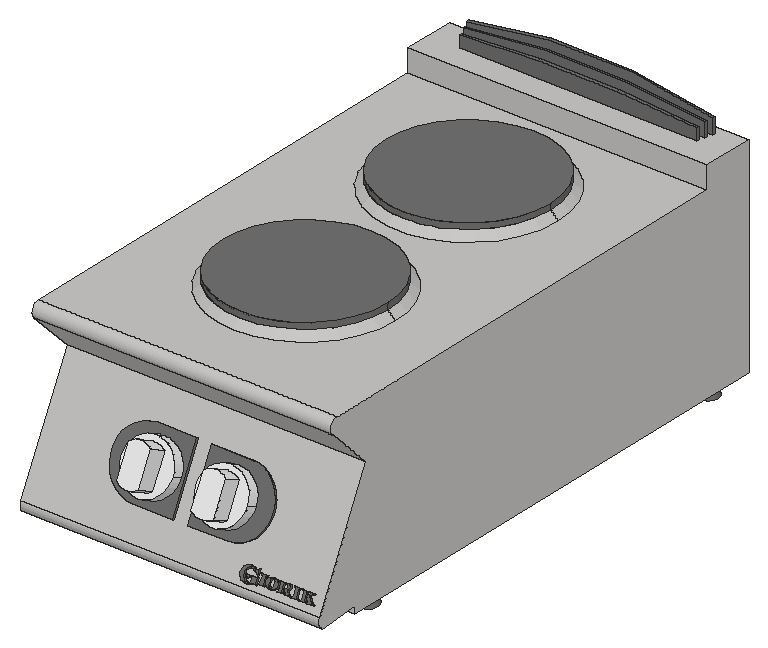
Revit family "QF_GIORIK_CE72TT", category Specialty Equipment, Revit 2014
Parameters (values of type "CE72TT")
  Weight in Pounds = 77.1617
  Watts = 5200 W
  Volts = 400 V
  URL Cutsheet = "www.giorik.com"
  URL = "www.giorik.com"
  Status [instance] = ""
  Specification by User [instance] = ""
  Specification by Manufacturer = ""
  Show Logo [instance] = yes
  Show Clearance [instance] = yes
  Serial Number = ""
  Seismic Rating = ""
  SMACNA No = ""
  Revision Code [instance] = ""
  Phase = 3
  Number of Poles [instance] = 3
  NAFEM Spec ID Number = ""
  Model = "CE72TT"
  Min Ckt Ampacity = 0 A
  Max Overcurrent Protection = 0 A
  Masterspec = ""
  Manufacturer = "GIORIK"
  Item Number [instance] = ""
  Installed By [instance] = ""
  Identify Quantity as Lot [instance] = no
  HP = "6.973304000000"
  Furnished By [instance] = ""
  Foodservice Equipment Identifier [instance] = yes
  FL Amps = 0 A
  Electrical Remarks [instance] = ""
  Electric Connection Type [instance] = ""
  Elec Conn RI Height [instance] = 0 mm
  Elec Conn Connection Height [instance] = 20 mm
  Description = "2 ELECTRIC ROUND PLATE HOB - COUNTERTOP VERSION"
  Cycle = 50 Hz
  Conn Plug = ""
  CSI MasterFormat = ""
  Assembly Code = "E1090320"
  Apparent Power = 5200 VA
Reference planes
  plane 1 "Back": y = 0
  plane 2: z = 0
  plane 3 "Left": x = 0
  plane 4 "Right": x = 400
  plane 5 "Front": y = -720
  plane 6 "Top": z = 300
Forms (mm)
  Extrusion 1, solid, visible <- "Show Logo"
    sketch origin (196.604, -736.761, 9.486) x (-1, 0, 0) y (0, 0.452718, 0.891654)
      loop
        line (-118.824, 58.358) -> (-127.804, 58.358) -> (-125.523, 56.445) -> (-125.523, 48.027) -> (-127.804, 46.113) -> (-118.824, 46.113) -> (-121.105, 48.027) -> (-121.105, 56.445) -> (-118.824, 58.358)
      loop
        line (-163.721, 58.358) -> (-172.7, 58.358) -> (-170.42, 56.445) -> (-170.42, 48.027) -> (-172.7, 46.113) -> (-163.721, 46.113) -> (-166.001, 48.027) -> (-166.001, 56.445) -> (-163.721, 58.358)
      loop
        line (-174.332, 58.358) -> (-183.312, 58.358) -> (-181.031, 56.445) -> (-181.031, 52.435) -> (-186.419, 56.955) -> (-184.416, 58.358) -> (-191.268, 58.358) -> (-188.01, 56.839) -> (-185.455, 54.283) -> (-190.846, 47.858) -> (-193.396, 46.93) -> (-193.396, 46.113) -> (-184.416, 46.113) -> (-185.437, 47.571) -> (-182.443, 51.552) -> (-181.031, 50.894) -> (-181.031, 48.027) -> (-183.312, 46.113) -> (-174.332, 46.113) -> (-176.613, 48.027) -> (-176.613, 56.445) -> (-174.332, 58.358)
      loop
        line (-115.429, 62.063) -> (-115.429, 54.198)
        arc (-115.429, 54.198) -> (-111.618, 57.803) -> (-106.847, 59.986) r 16.039
        arc (-106.847, 59.986) -> (-103.314, 59.837) -> (-100.512, 57.68) r 5.851
        arc (-100.512, 57.68) -> (-98.815, 52.267) -> (-100.512, 46.853) r 9.479
        arc (-100.512, 46.853) -> (-102.406, 44.986) -> (-104.846, 43.93) r 7.236
        arc (-104.846, 43.93) -> (-107.728, 44.111) -> (-110.052, 45.825) r 5.11
        line (-110.052, 45.825) -> (-110.052, 52.001) -> (-116.141, 52.001) -> (-116.141, 45.503) -> (-117.893, 43.751) -> (-114.094, 44.769)
        arc (-114.094, 44.769) -> (-112.56, 44.947) -> (-111.129, 44.366) r 3.115
        arc (-111.129, 44.366) -> (-104.216, 42.091) -> (-97.303, 44.366) r 11.641
        arc (-97.303, 44.366) -> (-93.396, 52.107) -> (-97.303, 59.849) r 9.622
        arc (-97.303, 59.849) -> (-104.369, 62.174) -> (-111.435, 59.849) r 11.898
        line (-111.435, 59.849) -> (-115.429, 62.063)
      loop
        arc (-129.234, 56.068) -> (-135.893, 58.628) -> (-142.552, 56.068) r 9.941
        arc (-142.552, 56.068) -> (-144.234, 52.286) -> (-142.552, 48.505) r 5.093
        arc (-142.552, 48.505) -> (-135.893, 45.945) -> (-129.234, 48.505) r 9.941
        arc (-129.234, 48.505) -> (-127.552, 52.286) -> (-129.234, 56.068) r 5.093
      loop
        arc (-132.628, 54.403) -> (-135.893, 57.668) -> (-139.158, 54.403) r 3.265
        line (-139.158, 54.403) -> (-139.158, 50.169)
        arc (-139.158, 50.169) -> (-135.893, 46.904) -> (-132.628, 50.169) r 3.265
        line (-132.628, 50.169) -> (-132.628, 54.403)
      loop
        arc (-156.363, 58.365) -> (-159.647, 55.081) -> (-156.363, 51.796) r 3.285
        line (-156.363, 51.796) -> (-159.529, 47.306) -> (-162.087, 46.113) -> (-155.847, 46.113) -> (-153.529, 51.083) -> (-150.637, 51.083) -> (-150.637, 47.784) -> (-153.022, 46.113) -> (-144.011, 46.113) -> (-146.094, 47.68) -> (-146.094, 56.493) -> (-144.229, 58.365) -> (-156.363, 58.365)
      loop
        line (-150.637, 57.512) -> (-153.637, 57.512)
        arc (-153.637, 57.512) -> (-156.237, 54.912) -> (-153.637, 52.312) r 2.6
        line (-153.637, 52.312) -> (-150.637, 52.312) -> (-150.637, 57.512)
      loop
        line (-108.924, 52.001) -> (-104.936, 49.005) -> (-100.948, 52.001) -> (-108.924, 52.001)
    from 1.5 to -0.5
  Extrusion 2, solid
    sketch origin (0, 1000, -620) x (0, 1, 0) y (0, 0, 1)
      loop
        line (-1000, 919.988) -> (-1070, 919.988) -> (-1070, 889.988) -> (-1688.806, 889.988)
        arc (-1688.806, 889.988) -> (-1699.151, 883.075) -> (-1696.724, 870.873) r 11.197
        line (-1696.724, 870.873) -> (-1640.876, 815.025) -> (-1718.948, 661.258)
        arc (-1718.948, 661.258) -> (-1718.233, 650.105) -> (-1708.118, 645.354) r 10.981
        line (-1708.118, 645.354) -> (-1660, 649.925) -> (-1660, 640) -> (-1000, 640) -> (-1000, 919.988)
    from 0 to 400
  Extrusion 3, solid
    sketch origin (-273.221, -963.345, -547.637) x (1, 0, 0) y (0, 0.452718, 0.891654)
      loop
        line (463.221, 676.25) -> (463.221, 766.25) -> (409.698, 766.25)
        arc (409.698, 766.25) -> (364.698, 721.25) -> (409.698, 676.25) r 45
        line (409.698, 676.25) -> (463.221, 676.25)
    from 48 to 50
  Extrusion 4, solid
    sketch origin (501.331, -1008.697, -525.041) x (-1, 0, 0) y (0, -0.45351, -0.891251)
      loop
        circle (351.331, -721.346) r 35
    from 0 to 15
  Extrusion 5, solid
    sketch origin (501.331, -1008.697, -525.041) x (-1, 0, 0) y (0, -0.45351, -0.891251)
      loop
        arc (336.331, -743.846) -> (351.331, -748.846) -> (366.331, -743.846) r 25
        line (366.331, -743.846) -> (366.331, -698.846)
        arc (366.331, -698.846) -> (351.331, -693.846) -> (336.331, -698.846) r 25
        line (336.331, -698.846) -> (336.331, -743.846)
    from 15 to 40
  Extrusion 6, solid
    sketch origin (-94, 0, -610.002) x (1, 0, 0) y (0, 0, 1)
      loop
        line (135, 909.989) -> (453, 909.989) -> (453, 925.527) -> (347.056, 931.749) -> (240.944, 931.749) -> (135, 925.527) -> (135, 909.989)
    from 32 to 35
  Extrusion 7, solid
    sketch origin (-92, 10, -610.002) x (1, 0, 0) y (0, 0, 1)
      loop
        line (454, 909.989) -> (454, 928.527) -> (346.162, 939.193) -> (237.838, 939.193) -> (130, 928.527) -> (130, 909.989) -> (454, 909.989)
    from 32 to 35
  Extrusion 8, solid
    sketch origin (-90, 20, -610.002) x (1, 0, 0) y (0, 0, 1)
      loop
        line (455, 909.989) -> (455, 930.527) -> (345.396, 947.413) -> (234.604, 947.413) -> (125, 930.527) -> (125, 909.989) -> (455, 909.989)
    from 32 to 35
  Extrusion 9, solid
    sketch origin (673.255, -963.345, -547.637) x (-1, 0, 0) y (0, -0.452718, -0.891654)
      loop
        line (463.221, -676.25) -> (409.698, -676.25)
        arc (409.698, -676.25) -> (364.698, -721.25) -> (409.698, -766.25) r 45
        line (409.698, -766.25) -> (463.221, -766.25) -> (463.221, -676.25)
    from 48 to 50
  Extrusion 10, solid
    sketch origin (-101.297, -1008.697, -525.041) x (1, 0, 0) y (0, 0.45351, 0.891251)
      loop
        circle (351.331, 721.346) r 35
    from 0 to 15
  Extrusion 11, solid
    sketch origin (-101.297, -1008.697, -525.041) x (1, 0, 0) y (0, 0.45351, 0.891251)
      loop
        line (336.331, 743.846) -> (336.331, 698.846)
        arc (336.331, 698.846) -> (351.331, 693.846) -> (366.331, 698.846) r 25
        line (366.331, 698.846) -> (366.331, 743.846)
        arc (366.331, 743.846) -> (351.331, 748.846) -> (336.331, 743.846) r 25
    from 15 to 40
  Extrusion 12, solid
    sketch origin (10, 12.5, 264.988) x (0, 1, 0) y (-1, 0, 0)
      loop
        circle (-231.5, -189.999) r 110
    from 23 to 15
  Blend 13, solid
    base sketch origin (754.36, -810.004, 269.988) x (0, 1, 0) y (-1, 0, 0)
      loop
        circle (591.004, 554.361) r 120
    top sketch origin (754.36, -810.004, 300) x (0, 1, 0) y (-1, 0, 0)
      loop
        circle (591.004, 554.361) r 110
    from 0 to -20.012
  Extrusion 14, solid
    sketch origin (10, -723.5, 264.988) x (0, -1, 0) y (1, 0, 0)
      loop
        circle (-231.5, 189.999) r 110
    from 23 to 15
  Blend 15, solid
    base sketch origin (754.36, 99.004, 269.988) x (0, -1, 0) y (1, 0, 0)
      loop
        circle (591.004, -554.361) r 120
    top sketch origin (754.36, 99.004, 300) x (0, -1, 0) y (1, 0, 0)
      loop
        circle (591.004, -554.361) r 110
    from 0 to -20.012
  Extrusion 16, solid
    sketch origin (-4, 0, 0) x (1, 0, 0) y (0, 1, 0)
      loop
        circle (54, -385) r 12.5
    from 5 to 20
  Extrusion 17, solid
    sketch origin (543.603, 45.293, -30) x (0, 1, 0) y (-1, 0, 0)
      loop
        circle (-79.293, 516.603) r 5
    from 41.965 to 50
  Revolve 18, solid
    sketch origin (27, 49.943, -600) x (0, 1, 0) y (0, 0, 1)
      loop
        line (-83.943, 611.965) -> (-94.752, 611.965) -> (-97.943, 600) -> (-83.943, 600) -> (-83.943, 611.965)
      axis (-83.943, 611.965) -> (-83.943, 600)
    angle from 0 to 360
  Extrusion 19, solid
    sketch origin (543.603, -524.707, -30) x (0, 1, 0) y (-1, 0, 0)
      loop
        circle (-79.293, 516.603) r 5
    from 41.965 to 50
  Revolve 20, solid
    sketch origin (27, -520.057, -600) x (0, 1, 0) y (0, 0, 1)
      loop
        line (-83.943, 611.965) -> (-94.752, 611.965) -> (-97.943, 600) -> (-83.943, 600) -> (-83.943, 611.965)
      axis (-83.943, 611.965) -> (-83.943, 600)
    angle from 0 to 360
  Extrusion 21, solid
    sketch origin (-143.603, 45.293, -30) x (0, 1, 0) y (-1, 0, 0)
      loop
        circle (-79.293, -516.603) r 5
    from 41.965 to 50
  Revolve 22, solid
    sketch origin (373, 49.943, -600) x (0, 1, 0) y (0, 0, -1)
      loop
        line (-83.943, -611.965) -> (-83.943, -600) -> (-97.943, -600) -> (-94.752, -611.965) -> (-83.943, -611.965)
      axis (-83.943, -611.965) -> (-83.943, -600)
    angle from 0 to 360
  Extrusion 23, solid
    sketch origin (-143.603, -524.707, -30) x (0, 1, 0) y (-1, 0, 0)
      loop
        circle (-79.293, -516.603) r 5
    from 41.965 to 50
  Revolve 24, solid
    sketch origin (373, -520.057, -600) x (0, 1, 0) y (0, 0, -1)
      loop
        line (-83.943, -611.965) -> (-83.943, -600) -> (-97.943, -600) -> (-94.752, -611.965) -> (-83.943, -611.965)
      axis (-83.943, -611.965) -> (-83.943, -600)
    angle from 0 to 360
Lines and regions (mm)
  symbolic lines, style "200-EquipBorder-2D"
    curve 1: line (0, -720, 0) -> (400, -720, 0)
    curve 2: line (400, -720, 0) -> (400, 0, 0)
    curve 3: line (400, 0, 0) -> (0, 0, 0)
    curve 4: line (0, 0, 0) -> (0, -720, 0)
  symbolic lines, style "200-EquipInternal-2D"
    curve 5: line (0, -70, 300) -> (400, -70, 300)
    curve 6: line (35, -12, 900) -> (365, -12, 900)
    curve 7: line (365, -12, 900) -> (365, -15, 900)
    curve 8: line (365, -15, 900) -> (35, -15, 900)
    curve 9: line (35, -15, 900) -> (35, -12, 900)
    curve 10: line (38, -22, 900) -> (362, -22, 900)
    curve 11: line (362, -22, 900) -> (362, -25, 900)
    curve 12: line (362, -25, 900) -> (38, -25, 900)
    curve 13: line (38, -25, 900) -> (38, -22, 900)
    curve 14: line (41, -32, 900) -> (359, -32, 900)
    curve 15: line (359, -32, 900) -> (359, -35, 900)
    curve 16: line (359, -35, 900) -> (41, -35, 900)
    curve 17: line (41, -35, 900) -> (41, -32, 900)
    curve 18: circle (200, -219, 300) r 120 normal (0, 0, 1)
    curve 19: circle (200, -219, 300) r 109.999 normal (0, 0, 1)
    curve 20: circle (200, -492, 300) r 109.999 normal (0, 0, 1)
    curve 21: circle (200, -492, 300) r 119.999 normal (0, 0, 1)
Dimensions and locks
  plane 3 "Left" to plane 4 "Right" = 400 mm
  plane 5 "Front" to plane 1 "Back" = 720 mm
  plane 4 "Right" to plane 3 "Left" = 400 mm
  plane 1 "Back" to plane 5 "Front" = 720 mm
  plane 6 "Top" to level = 300 mm  (x2)
  aligned and locked: level to plane 2
Connectors
  electrical at (50, -385, 5), driven by "Apparent Power", driven by "Volts", driven by "Number of Poles"
    settings: on Extrusion 16, index 2, voltage 400 V, apparent load 0 VA, apparent load phase1 5200 VA, apparent load phase2 0 VA, apparent load phase3 0 VA, power factor 1, load classification "Other", number of poles 3, system type 31, power factor state 1, is connector primary yes, connector utility no, sub classification motor no, connector description "Electrical connection"
